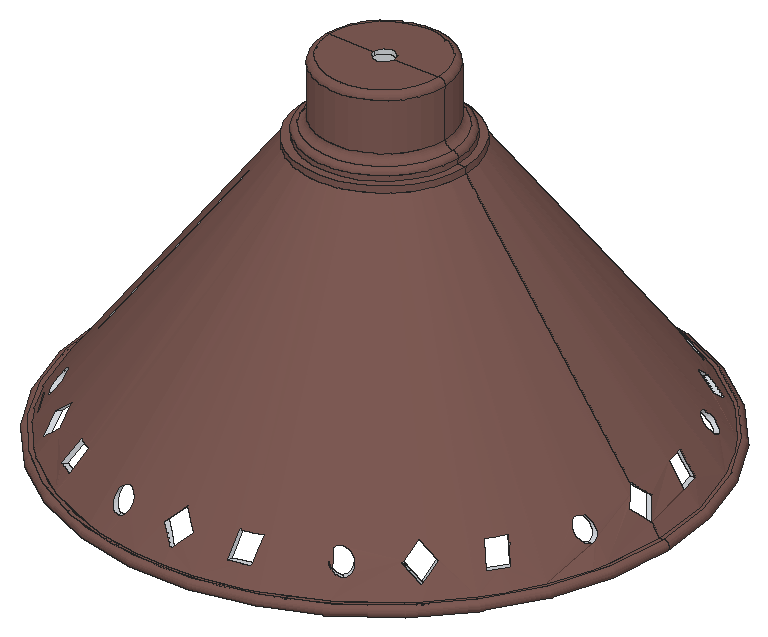
Revit family "CSP14 SHADE", category Lighting Fixtures, Revit 2024
Family settings
  Round Connector Dimension = Use Diameter
  Part Type = Normal
  OmniClass Number = 23.80.70.00
  OmniClass Title = Lighting
  Work Plane-Based = No
  Always vertical = Yes
  Cut with Voids When Loaded = No
  Light Source = Yes
  Maintain Annotation Orientation = No
  Shared = No
  Room Calculation Point = No
Parameters
  Wattage = 12.1178 W
  built-in parameter 1150110 = 1 (stored number, unit not read)
  built-in parameter 1114217 = 1 (stored number, unit not read)
  built-in parameter 1150109 = 1 (stored number, unit not read)
  built-in parameter 1150134 = (empty or 0)
  built-in parameter 1150113 = 1 (stored number, unit not read)
  Lumens = 1800 lm
  built-in parameter 1150115 = 1 (stored number, unit not read)
  built-in parameter 1150105 = 572.96 (stored number, unit not read)
  Light Source Symbol Size = 2' - 0"
  built-in parameter 1150137 = (empty or 0)
  built-in parameter 1150139 = (empty or 0)
  built-in parameter 1150112 = 1 (stored number, unit not read)
  built-in parameter 1150114 = 1 (stored number, unit not read)
  built-in parameter 1150132 = 2
  built-in parameter 1150102 = (empty or 0)
  built-in parameter 1150138 = (empty or 0)
  built-in parameter 1150107 = 3000 (stored number, unit not read)
  built-in parameter 1150106 = 5.7296 (stored number, unit not read)
  built-in parameter 1150104 = 13.8 (stored number, unit not read)
  Dimming Lamp Color Temperature Shift = (empty or 0)
  Default Elevation = 0' - 0"
  Color Filter = 16777215
  built-in parameter 1114218 = 1 (stored number, unit not read)
  built-in parameter 1150133 = 10 (stored number, unit not read)
Reference planes (in)
  plane 1 "Light Source Axis (F/B)": y = 0
  plane 2: z = 0
  plane 3 "Light Source Axis (L/R)": x = 0
  plane 4 "Light Source Elevation": z = 84
Forms (in)
  Revolve 1, solid, not visible
    sketch origin (0, 0, 0) x (1, 0, 0) y (0, 0, 1)
      loop
        line (-2.99192, 88.09279) -> (-2.89556, 88.09279) -> (-2.89556, 88.38477) -> (-2.99192, 88.38477) -> (-2.99192, 88.09279)
      axis (-2.89556, 88.09279) -> (-2.99192, 88.09279)
    angle from 0 to 360
  Sweep 2, solid, not visible
    path origin (0, 0, 0) x (1, 0, 0) y (0, 0, 1)
      loop
        arc (-2.97158, 88.08519) -> (-3.96217, 87.55604) -> (-4.35786, 86.505) r 1.59375
        line (-4.35786, 86.505) -> (-4.35786, 85.3018)
    profile origin (-3.96217, 0, 87.55604) x (0.751723, 0, -0.659479) y (0, -1, 0)
      loop
        circle (0, 0) r 0.15625
  Revolve 3, solid, not visible
    sketch origin (0, 0, 0) x (1, 0, 0) y (0, 0, 1)
      loop
        line (-4.84702, 85.01395) -> (-4.61007, 85.21882) -> (-4.67548, 85.29447) -> (-5.07238, 85.7535)
        arc (-5.07238, 85.7535) -> (-5.11657, 85.32649) -> (-4.68956, 85.2823) r 0.30356
        line (-4.68956, 85.2823) -> (-4.91791, 85.08485) -> (-4.84702, 85.01395)
      axis (-4.61007, 85.21882) -> (-5.07238, 85.7535)
    angle from 0 to 360
  Revolve 4, solid
    sketch origin (0, 0, 0) x (1, 0, 0) y (0, 0, 1)
      loop
        line (-6.75038, 84.13471) -> (-1.90625, 90.56308) -> (-1.90625, 90.65625) -> (-1.71825, 90.65625) -> (-1.71825, 90.8714)
        arc (-1.71825, 90.8714) -> (-1.70751, 90.89734) -> (-1.68157, 90.90808) r 0.03668
        arc (-1.68157, 90.90808) -> (-1.48689, 90.98872) -> (-1.40625, 91.1834) r 0.27532
        line (-1.40625, 91.1834) -> (-1.40625, 92.35)
        arc (-1.40625, 92.35) -> (-1.38977, 92.38977) -> (-1.35, 92.40625) r 0.05625
        line (-1.35, 92.40625) -> (-0.25, 92.40625) -> (-0.25, 92.5) -> (-1.35, 92.5)
        arc (-1.35, 92.5) -> (-1.45607, 92.45607) -> (-1.5, 92.35) r 0.15
        line (-1.5, 92.35) -> (-1.5, 91.1834)
        arc (-1.5, 91.1834) -> (-1.55318, 91.05501) -> (-1.68157, 91.00183) r 0.18157
        arc (-1.68157, 91.00183) -> (-1.7738, 90.96363) -> (-1.812, 90.8714) r 0.13043
        line (-1.812, 90.8714) -> (-1.812, 90.75) -> (-2, 90.75) -> (-2, 90.59445) -> (-6.78089, 84.25) -> (-6.875, 84.25)
        arc (-6.875, 84.25) -> (-6.95989, 84.03324) -> (-6.75038, 84.13471) r 0.125
      axis (0, 92.5) -> (0, 84.13471)
    angle from 0 to 360
  Extrusion 5, void
    sketch origin (0, 0, 0) x (1, 0, 0) y (0, 0, 1)
      loop
        circle (-1.5, 84.875) r 0.25
      loop
        line (0, 84.52145) -> (0.35355, 84.875) -> (0, 85.22855) -> (-0.35355, 84.875) -> (0, 84.52145)
      loop
        line (1.25, 85.125) -> (1.25, 84.625) -> (1.75, 84.625) -> (1.75, 85.125) -> (1.25, 85.125)
    from 0 to 12
  Extrusion 6, void
    sketch origin (0, 0, 0) x (0.707107, -0.707107, 0) y (0, 0, 1)
      loop
        circle (-1.5, 84.875) r 0.25
      loop
        line (0, 84.52145) -> (0.35355, 84.875) -> (0, 85.22855) -> (-0.35355, 84.875) -> (0, 84.52145)
      loop
        line (1.25, 85.125) -> (1.25, 84.625) -> (1.75, 84.625) -> (1.75, 85.125) -> (1.25, 85.125)
    from 0 to 12
  Extrusion 7, void
    sketch origin (0, 0, 0) x (0.707107, 0.707107, 0) y (0, 0, 1)
      loop
        circle (-1.5, 84.875) r 0.25
      loop
        line (0, 84.52145) -> (0.35355, 84.875) -> (0, 85.22855) -> (-0.35355, 84.875) -> (0, 84.52145)
      loop
        line (1.25, 85.125) -> (1.25, 84.625) -> (1.75, 84.625) -> (1.75, 85.125) -> (1.25, 85.125)
    from 0 to 12
  Extrusion 8, void
    sketch origin (0, 0, 0) x (0, 1, 0) y (0, 0, 1)
      loop
        circle (-1.5, 84.875) r 0.25
      loop
        line (0, 84.52145) -> (0.35355, 84.875) -> (0, 85.22855) -> (-0.35355, 84.875) -> (0, 84.52145)
      loop
        line (1.25, 85.125) -> (1.25, 84.625) -> (1.75, 84.625) -> (1.75, 85.125) -> (1.25, 85.125)
    from 0 to 12
  Extrusion 9, void
    sketch origin (0, 0, 0) x (-0.707107, 0.707107, 0) y (0, 0, 1)
      loop
        circle (-1.5, 84.875) r 0.25
      loop
        line (0, 84.52145) -> (0.35355, 84.875) -> (0, 85.22855) -> (-0.35355, 84.875) -> (0, 84.52145)
      loop
        line (1.25, 85.125) -> (1.25, 84.625) -> (1.75, 84.625) -> (1.75, 85.125) -> (1.25, 85.125)
    from 0 to 12
  Extrusion 10, void
    sketch origin (0, 0, 0) x (-1, 0, 0) y (0, 0, 1)
      loop
        circle (-1.5, 84.875) r 0.25
      loop
        line (0, 84.52145) -> (0.35355, 84.875) -> (0, 85.22855) -> (-0.35355, 84.875) -> (0, 84.52145)
      loop
        line (1.25, 85.125) -> (1.25, 84.625) -> (1.75, 84.625) -> (1.75, 85.125) -> (1.25, 85.125)
    from 0 to 12
  Extrusion 11, void
    sketch origin (0, 0, 0) x (-0.707107, -0.707107, 0) y (0, 0, 1)
      loop
        circle (-1.5, 84.875) r 0.25
      loop
        line (0, 84.52145) -> (0.35355, 84.875) -> (0, 85.22855) -> (-0.35355, 84.875) -> (0, 84.52145)
      loop
        line (1.25, 85.125) -> (1.25, 84.625) -> (1.75, 84.625) -> (1.75, 85.125) -> (1.25, 85.125)
    from 0 to 12
  Extrusion 12, void
    sketch origin (0, 0, 0) x (0, -1, 0) y (0, 0, 1)
      loop
        circle (-1.5, 84.875) r 0.25
      loop
        line (0, 84.52145) -> (0.35355, 84.875) -> (0, 85.22855) -> (-0.35355, 84.875) -> (0, 84.52145)
      loop
        line (1.25, 85.125) -> (1.25, 84.625) -> (1.75, 84.625) -> (1.75, 85.125) -> (1.25, 85.125)
    from 0 to 12
Cuts and joins
  Extrusion 5, Extrusion 6, Extrusion 7, Extrusion 8, Extrusion 9, Extrusion 10, Extrusion 11, Extrusion 12 cuts Revolve 4
Dimensions and locks (in)
  aligned and locked: plane 3 "Light Source Axis (L/R)" to imposter light
  aligned and locked: plane 1 "Light Source Axis (F/B)" to imposter light
  aligned and locked: plane 4 "Light Source Elevation" to imposter light
  aligned and locked: level to plane 2
